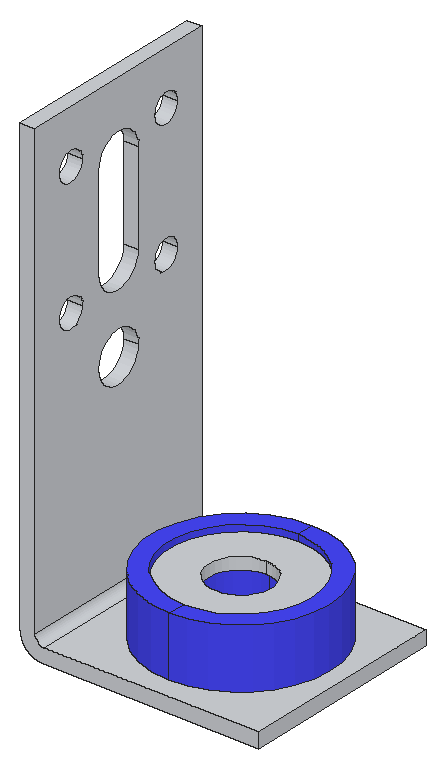
Revit family "Kanalhalter SD-LL", category Allgemeines Modell, Revit 2017
Family settings
  Kann Basisbauteil für Bewehrung sein = Nein
  Bemaßung runder Anschluss = Durchmesser verwenden
  Teiletyp = Normal
  Arbeitsebenenbasiert = Ja
  Immer vertikal = Nein
  Beim Laden mit Abzugskörper schneiden = Nein
  Gemeinsam genutzt = Ja
  Raumberechnungspunkt = Nein
Parameters (values of type "Kanalhalter SD-LL")
  vpe = "50 St"
  max. zul. Last stehend = 0.00 kN
  max. zul. Last hängend = 0.30 kN
  max. Temperaturbeständigkeit = "100 °C"
  Default Elevation = 1219.2 mm
  Stärke Material = 2.5 mm
  Schalldämmeinlage = "Gummi SBR"
  Regelhalter [instance] = ""
  Mengeneinheit = "St"
  Länge = 40 mm
  Kurztext2 = "Höhe 80 mm Gummi gesteckt"
  Kurztext1 = "Kanalhalter LL"
  Höhe = "80 mm"
  Gewicht pro Bauteil = Gewicht  # 0.0842 kg
  Gewicht = 0.0842 kg
  Firma = "MEFA Befestigungs- und Montagesysteme GmbH"
  Fabrikat = "MEFA"
  EAN = "4250928414984"
  Dämmelementtyp = "gesteckt"
  Breite Material = "35 mm"
  Bauart = "L"
  Ausführung = "leicht"
  Artikelnummer = "0590022"
  Anschluss = "M8/M10"
Reference planes
  plane 1 "Mitte (Vorne/hinten)": y = 0
  plane 2: z = 0
  plane 3 "Mitte (Links/rechts)": x = 0
Dimensions and locks
  aligned and locked: level to plane 2
Nested families
  nested 1: "Kanalhalterwinkel LL" at (0, 0, 0), type "MEFA Kanalhalterwinkel LL"
  nested 2: "Gummipuffer für SD" at (23, 0, 13.25) x (0, -1, 0) z (1, 0, 0), type "Gummipuffer für SD"
  nested 3: "Unterlegscheibe 10,5x25x2,0" at (23, 0, 10.25) x (0, 1, 0) z (0, 0, 1), type "Unterlegscheibe 10,5x25x2,0"
Definition of nested family "Kanalhalterwinkel LL"
  Parameters (values of type "MEFA Kanalhalterwinkel LL")
    Default Elevation = 1219.2 mm
    Regelhalter [instance] = ""
  Reference planes
    plane 1 "Mitte (Vorne/hinten)": y = 0
    plane 2: z = 0
    plane 3 "Mitte (Links/rechts)": x = 0
  Forms (mm)
    Extrusion 1, solid
      sketch origin (0, 0, 0) x (1, 0, 0) y (0, 0, 1)
        loop
          arc (0, 4) -> (1.172, 1.172) -> (4, 0) r 4
          line (4, 0) -> (40, 0) -> (40, 2.5) -> (4, 2.5)
          arc (4, 2.5) -> (2.939, 2.939) -> (2.5, 4) r 1.5
          line (2.5, 4) -> (2.5, 80) -> (0, 80) -> (0, 4)
      from -17.5 to 17.5
    Extrusion 2, void
      sketch origin (0, 0, 0) x (0, 1, 0) y (0, 0, 1)
        loop
          circle (10, 71) r 2.5
        loop
          circle (10, 49) r 2.5
        loop
          circle (-10, 71) r 2.5
        loop
          circle (-10, 49) r 2.5
        loop
          circle (0, 38) r 4.25
        loop
          arc (4.25, 67.75) -> (0, 72) -> (-4.25, 67.75) r 4.25
          line (-4.25, 67.75) -> (-4.25, 52.25)
          arc (-4.25, 52.25) -> (0, 48) -> (4.25, 52.25) r 4.25
          line (4.25, 52.25) -> (4.25, 67.75)
      from 0 to 10
    Extrusion 3, void
      sketch origin (0, 0, 0) x (1, 0, 0) y (0, 1, 0)
        loop
          circle (23, 0) r 9
      from 0 to 10
  Cuts and joins
    Extrusion 2, Extrusion 3 cuts Extrusion 1
  Dimensions and locks
    aligned and locked: level to plane 2
Definition of nested family "Gummipuffer für SD"
  Parameters (values of type "Gummipuffer für SD")
    Default Elevation = 1219.2 mm
    Regelhalter [instance] = ""
  Reference planes
    plane 1 "Mitte (Vorne/hinten)": y = 0
    plane 2: z = 0
    plane 3 "Mitte (Links/rechts)": x = 0
  Forms (mm)
    Revolve 1, solid
      sketch origin (0, 0, 0) x (1, 0, 0) y (0, 1, 0)
        loop
          line (-12, 0) -> (-12, 3) -> (-6, 3) -> (-6, 19) -> (-9.25, 19) -> (-10.75, 17.5) -> (-10.75, 14) -> (-8.5, 14) -> (-8.5, 10) -> (-15, 10) -> (-15, 0) -> (-12, 0)
        axis (0, 0) -> (0, 19)
      angle from 0 to 360
  Dimensions and locks
    aligned and locked: level to plane 2
Definition of nested family "Unterlegscheibe 10,5x25x2,0"
  Parameters (values of type "Unterlegscheibe 10,5x25x2,0")
    Default Elevation = 1219.2 mm
    Regelhalter [instance] = ""
    Länge = 2 mm
    D0 = 10.5 mm
    D = 25 mm
    Artikelnummer = "4320263"
  Reference planes
    plane 1 "Mitte (Vorne/hinten)": y = 0
    plane 2: z = 0
    plane 3 "Mitte (Links/rechts)": x = 0
    plane 4: z = 2
  Forms (mm)
    Extrusion 1, solid
      sketch origin (0, 0, 0) x (1, 0, 0) y (0, 1, 0)
        loop
          circle (0, 0) r 12.5
      from 0 to 2
    Extrusion 2, void
      sketch origin (0, 0, 0) x (1, 0, 0) y (0, 1, 0)
        loop
          circle (0, 0) r 5.25
      from 0 to 2
  Cuts and joins
    Extrusion 2 cuts Extrusion 1
  Lines and regions (mm)
    model lines, not visible
      curve 1: line (9.299, 0, 2) -> (-10.701, 0, 2)
      curve 2: line (0, 15.717, 2) -> (0, -4.283, 2)
      curve 3: line (0, 10.717, 0) -> (0, -9.283, 0)
      curve 4: line (6.799, 0, 0) -> (-13.201, 0, 0)
      curve 5: line (0, 0, 69.337) -> (0, 0, -112.663)
  Dimensions and locks
    "Länge": level to plane 4
    "D": diameter of Extrusion 1 sketch curve
    "D0": diameter of Extrusion 2 sketch curve
    aligned and locked: level to plane 2
    aligned and locked: Extrusion 1 to level
    aligned and locked: Extrusion 1 to curve 1
    aligned and locked: plane 4 to Extrusion 1
    aligned and locked: curve 2 to plane 4
    aligned and locked: curve 3 to level
    aligned and locked: curve 4 to level
    aligned and locked: plane 3 "Mitte (Links/rechts)" to curve 5
    aligned and locked: curve 5 to plane 1 "Mitte (Vorne/hinten)"
    aligned and locked: Extrusion 1 to Extrusion 2
    aligned and locked: Extrusion 2 to level
  Automatic sketch dimensions
    plane 1 "Mitte (Vorne/hinten)" to curve 2 = 4.283 mm
    plane 1 "Mitte (Vorne/hinten)" to curve 3 = 9.283 mm
    curve 3 to plane 1 "Mitte (Vorne/hinten)" = 10.717 mm
    curve 2 to plane 1 "Mitte (Vorne/hinten)" = 15.717 mm
    curve 4 to plane 3 "Mitte (Links/rechts)" = 13.201 mm
    curve 1 to plane 3 "Mitte (Links/rechts)" = 10.701 mm
    plane 3 "Mitte (Links/rechts)" to curve 4 = 6.799 mm
    plane 3 "Mitte (Links/rechts)" to curve 1 = 9.299 mm
    curve 5 to level = 112.663 mm
    plane 4 to curve 5 = 67.337 mm
    plane 1 "Mitte (Vorne/hinten)" to Extrusion 1 sketch curve = 0 mm
    Extrusion 1 sketch curve to plane 3 "Mitte (Links/rechts)" = 0 mm
    plane 1 "Mitte (Vorne/hinten)" to Extrusion 2 sketch curve = 0 mm
    Extrusion 2 sketch curve to plane 3 "Mitte (Links/rechts)" = 0 mm
